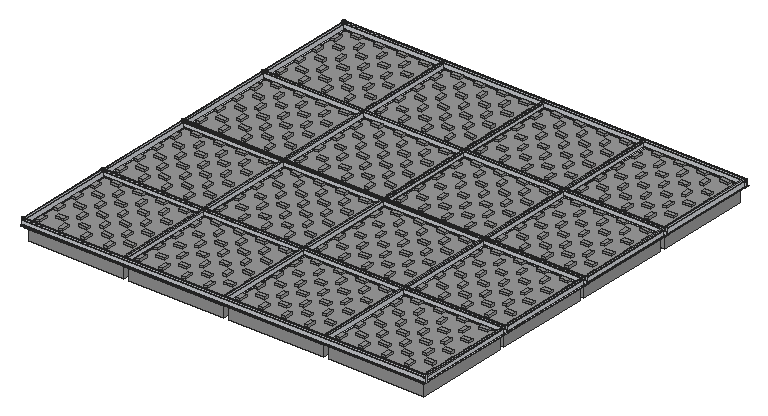
Revit family "GRD-FPG-011_RFA", category Modelos genéricos, Revit 2022 (continued)
Forms (in)
  Extrusion 552, solid
    from 0.55734 to 1.02978
  Extrusion 553, solid
    sketch origin (-2.19813, -56.70438, 0) x (1, 0, 0) y (0, 1, 0)
      loop
        line (3.29187, 96.8986) -> (3.29187, 94.89864) -> (4.23675, 94.89864) -> (4.23675, 96.8986) -> (3.29187, 96.8986)
    from 0.55734 to 1.02978
  Extrusion 554, solid
    sketch origin (-2.19813, -51.2531, 0) x (1, 0, 0) y (0, 1, 0)
      loop
        line (3.29187, 96.8986) -> (3.29187, 94.89864) -> (4.23675, 94.89864) -> (4.23675, 96.8986) -> (3.29187, 96.8986)
    from 0.55734 to 1.02978
  Extrusion 555, solid
    sketch origin (3.2532, -62.15567, 0) x (1, 0, 0) y (0, 1, 0)
      loop
        line (3.29187, 96.8986) -> (3.29187, 94.89864) -> (4.23675, 94.89864) -> (4.23675, 96.8986) -> (3.29187, 96.8986)
    from 0.55734 to 1.02978
  Extrusion 556, solid
    sketch origin (3.2532, -67.60694, 0) x (1, 0, 0) y (0, 1, 0)
      loop
        line (3.29187, 96.8986) -> (3.29187, 94.89864) -> (4.23675, 94.89864) -> (4.23675, 96.8986) -> (3.29187, 96.8986)
    from 0.55734 to 1.02978
  Extrusion 557, solid
    sketch origin (3.2532, -56.70438, 0) x (1, 0, 0) y (0, 1, 0)
      loop
        line (3.29187, 96.8986) -> (3.29187, 94.89864) -> (4.23675, 94.89864) -> (4.23675, 96.8986) -> (3.29187, 96.8986)
    from 0.55734 to 1.02978
  Extrusion 558, solid
    sketch origin (3.2532, -51.2531, 0) x (1, 0, 0) y (0, 1, 0)
      loop
        line (3.29187, 96.8986) -> (3.29187, 94.89864) -> (4.23675, 94.89864) -> (4.23675, 96.8986) -> (3.29187, 96.8986)
    from 0.55734 to 1.02978
  Extrusion 559, solid
    sketch origin (8.70448, -62.15567, 0) x (1, 0, 0) y (0, 1, 0)
      loop
        line (3.29187, 96.8986) -> (3.29187, 94.89864) -> (4.23675, 94.89864) -> (4.23675, 96.8986) -> (3.29187, 96.8986)
    from 0.55734 to 1.02978
  Extrusion 560, solid
    sketch origin (8.70448, -67.60694, 0) x (1, 0, 0) y (0, 1, 0)
      loop
        line (3.29187, 96.8986) -> (3.29187, 94.89864) -> (4.23675, 94.89864) -> (4.23675, 96.8986) -> (3.29187, 96.8986)
    from 0.55734 to 1.02978
  Extrusion 561, solid
    sketch origin (8.70448, -56.70438, 0) x (1, 0, 0) y (0, 1, 0)
      loop
        line (3.29187, 96.8986) -> (3.29187, 94.89864) -> (4.23675, 94.89864) -> (4.23675, 96.8986) -> (3.29187, 96.8986)
    from 0.55734 to 1.02978
  Extrusion 562, solid
    sketch origin (8.70448, -51.2531, 0) x (1, 0, 0) y (0, 1, 0)
      loop
        line (3.29187, 96.8986) -> (3.29187, 94.89864) -> (4.23675, 94.89864) -> (4.23675, 96.8986) -> (3.29187, 96.8986)
    from 0.55734 to 1.02978
  Extrusion 563, solid
    sketch origin (14.15576, -62.15567, 0) x (1, 0, 0) y (0, 1, 0)
      loop
        line (3.29187, 96.8986) -> (3.29187, 94.89864) -> (4.23675, 94.89864) -> (4.23675, 96.8986) -> (3.29187, 96.8986)
    from 0.55734 to 1.02978
  Extrusion 564, solid
    sketch origin (14.15576, -67.60694, 0) x (1, 0, 0) y (0, 1, 0)
      loop
        line (3.29187, 96.8986) -> (3.29187, 94.89864) -> (4.23675, 94.89864) -> (4.23675, 96.8986) -> (3.29187, 96.8986)
    from 0.55734 to 1.02978
  Extrusion 565, solid
    sketch origin (14.15576, -56.70438, 0) x (1, 0, 0) y (0, 1, 0)
      loop
        line (3.29187, 96.8986) -> (3.29187, 94.89864) -> (4.23675, 94.89864) -> (4.23675, 96.8986) -> (3.29187, 96.8986)
    from 0.55734 to 1.02978
  Extrusion 566, solid
    sketch origin (14.15576, -51.2531, 0) x (1, 0, 0) y (0, 1, 0)
      loop
        line (3.29187, 96.8986) -> (3.29187, 94.89864) -> (4.23675, 94.89864) -> (4.23675, 96.8986) -> (3.29187, 96.8986)
    from 0.55734 to 1.02978
  Extrusion 567, solid
    sketch origin (19.607, -62.15567, 0) x (1, 0, 0) y (0, 1, 0)
      loop
        line (3.29187, 96.8986) -> (3.29187, 94.89864) -> (4.23675, 94.89864) -> (4.23675, 96.8986) -> (3.29187, 96.8986)
    from 0.55734 to 1.02978
  Extrusion 568, solid
    sketch origin (19.607, -67.60694, 0) x (1, 0, 0) y (0, 1, 0)
      loop
        line (3.29187, 96.8986) -> (3.29187, 94.89864) -> (4.23675, 94.89864) -> (4.23675, 96.8986) -> (3.29187, 96.8986)
    from 0.55734 to 1.02978
  Extrusion 569, solid
    sketch origin (19.607, -56.70438, 0) x (1, 0, 0) y (0, 1, 0)
      loop
        line (3.29187, 96.8986) -> (3.29187, 94.89864) -> (4.23675, 94.89864) -> (4.23675, 96.8986) -> (3.29187, 96.8986)
    from 0.55734 to 1.02978
  Extrusion 570, solid
    sketch origin (19.607, -51.2531, 0) x (1, 0, 0) y (0, 1, 0)
      loop
        line (3.29187, 96.8986) -> (3.29187, 94.89864) -> (4.23675, 94.89864) -> (4.23675, 96.8986) -> (3.29187, 96.8986)
    from 0.55734 to 1.02978
  Extrusion 571, solid
    sketch origin (24.00458, -48, 0) x (1, 0, 0) y (0, 1, 0)
      loop
        line (3.29187, 95.84361) -> (3.29187, 94.89864) -> (5.29187, 94.89864) -> (5.29187, 95.84361) -> (3.29187, 95.84361)
    from 0.55734 to 1.02978
  Extrusion 572, solid
    sketch origin (29.45586, -48, 0) x (1, 0, 0) y (0, 1, 0)
      loop
        line (3.29187, 95.84361) -> (3.29187, 94.89864) -> (5.29187, 94.89864) -> (5.29187, 95.84361) -> (3.29187, 95.84361)
    from 0.55734 to 1.02978
  Extrusion 573, solid
    sketch origin (34.90714, -48, 0) x (1, 0, 0) y (0, 1, 0)
      loop
        line (3.29187, 95.84361) -> (3.29187, 94.89864) -> (5.29187, 94.89864) -> (5.29187, 95.84361) -> (3.29187, 95.84361)
    from 0.55734 to 1.02978
  Extrusion 574, solid
    sketch origin (40.35842, -48, 0) x (1, 0, 0) y (0, 1, 0)
      loop
        line (3.29187, 95.84361) -> (3.29187, 94.89864) -> (5.29187, 94.89864) -> (5.29187, 95.84361) -> (3.29187, 95.84361)
    from 0.55734 to 1.02978
  Extrusion 575, solid
    sketch origin (24.00458, -53.45125, 0) x (1, 0, 0) y (0, 1, 0)
      loop
        line (3.29187, 95.84361) -> (3.29187, 94.89864) -> (5.29187, 94.89864) -> (5.29187, 95.84361) -> (3.29187, 95.84361)
    from 0.55734 to 1.02978
  Extrusion 576, solid
    sketch origin (29.45586, -53.45125, 0) x (1, 0, 0) y (0, 1, 0)
      loop
        line (3.29187, 95.84361) -> (3.29187, 94.89864) -> (5.29187, 94.89864) -> (5.29187, 95.84361) -> (3.29187, 95.84361)
    from 0.55734 to 1.02978
  Extrusion 577, solid
    sketch origin (34.90714, -53.45125, 0) x (1, 0, 0) y (0, 1, 0)
      loop
        line (3.29187, 95.84361) -> (3.29187, 94.89864) -> (5.29187, 94.89864) -> (5.29187, 95.84361) -> (3.29187, 95.84361)
    from 0.55734 to 1.02978
  Extrusion 578, solid
    sketch origin (40.35842, -53.45125, 0) x (1, 0, 0) y (0, 1, 0)
      loop
        line (3.29187, 95.84361) -> (3.29187, 94.89864) -> (5.29187, 94.89864) -> (5.29187, 95.84361) -> (3.29187, 95.84361)
    from 0.55734 to 1.02978
  Extrusion 579, solid
    sketch origin (24.00458, -58.90252, 0) x (1, 0, 0) y (0, 1, 0)
      loop
        line (3.29187, 95.84361) -> (3.29187, 94.89864) -> (5.29187, 94.89864) -> (5.29187, 95.84361) -> (3.29187, 95.84361)
    from 0.55734 to 1.02978
  Extrusion 580, solid
    sketch origin (29.45586, -58.90252, 0) x (1, 0, 0) y (0, 1, 0)
      loop
        line (3.29187, 95.84361) -> (3.29187, 94.89864) -> (5.29187, 94.89864) -> (5.29187, 95.84361) -> (3.29187, 95.84361)
    from 0.55734 to 1.02978
  Extrusion 581, solid
    sketch origin (34.90714, -58.90252, 0) x (1, 0, 0) y (0, 1, 0)
      loop
        line (3.29187, 95.84361) -> (3.29187, 94.89864) -> (5.29187, 94.89864) -> (5.29187, 95.84361) -> (3.29187, 95.84361)
    from 0.55734 to 1.02978
  Extrusion 582, solid
    sketch origin (40.35842, -58.90252, 0) x (1, 0, 0) y (0, 1, 0)
      loop
        line (3.29187, 95.84361) -> (3.29187, 94.89864) -> (5.29187, 94.89864) -> (5.29187, 95.84361) -> (3.29187, 95.84361)
    from 0.55734 to 1.02978
  Extrusion 583, solid
    sketch origin (24.00458, -64.3538, 0) x (1, 0, 0) y (0, 1, 0)
      loop
        line (3.29187, 95.84361) -> (3.29187, 94.89864) -> (5.29187, 94.89864) -> (5.29187, 95.84361) -> (3.29187, 95.84361)
    from 0.55734 to 1.02978
  Extrusion 584, solid
    sketch origin (29.45586, -64.3538, 0) x (1, 0, 0) y (0, 1, 0)
      loop
        line (3.29187, 95.84361) -> (3.29187, 94.89864) -> (5.29187, 94.89864) -> (5.29187, 95.84361) -> (3.29187, 95.84361)
    from 0.55734 to 1.02978
  Extrusion 585, solid
    sketch origin (34.90714, -64.3538, 0) x (1, 0, 0) y (0, 1, 0)
      loop
        line (3.29187, 95.84361) -> (3.29187, 94.89864) -> (5.29187, 94.89864) -> (5.29187, 95.84361) -> (3.29187, 95.84361)
    from 0.55734 to 1.02978
  Extrusion 586, solid
    sketch origin (40.35842, -64.3538, 0) x (1, 0, 0) y (0, 1, 0)
      loop
        line (3.29187, 95.84361) -> (3.29187, 94.89864) -> (5.29187, 94.89864) -> (5.29187, 95.84361) -> (3.29187, 95.84361)
    from 0.55734 to 1.02978
  Extrusion 587, solid
    sketch origin (24.00458, -69.80504, 0) x (1, 0, 0) y (0, 1, 0)
      loop
        line (3.29187, 95.84361) -> (3.29187, 94.89864) -> (5.29187, 94.89864) -> (5.29187, 95.84361) -> (3.29187, 95.84361)
    from 0.55734 to 1.02978
  Extrusion 588, solid
    sketch origin (29.45586, -69.80504, 0) x (1, 0, 0) y (0, 1, 0)
      loop
        line (3.29187, 95.84361) -> (3.29187, 94.89864) -> (5.29187, 94.89864) -> (5.29187, 95.84361) -> (3.29187, 95.84361)
    from 0.55734 to 1.02978
  Extrusion 589, solid
    sketch origin (34.90714, -69.80504, 0) x (1, 0, 0) y (0, 1, 0)
      loop
        line (3.29187, 95.84361) -> (3.29187, 94.89864) -> (5.29187, 94.89864) -> (5.29187, 95.84361) -> (3.29187, 95.84361)
    from 0.55734 to 1.02978
  Extrusion 590, solid
    sketch origin (40.35842, -69.80504, 0) x (1, 0, 0) y (0, 1, 0)
      loop
        line (3.29187, 95.84361) -> (3.29187, 94.89864) -> (5.29187, 94.89864) -> (5.29187, 95.84361) -> (3.29187, 95.84361)
    from 0.55734 to 1.02978
  Extrusion 591, solid
    sketch origin (21.80644, -62.15567, 0) x (1, 0, 0) y (0, 1, 0)
      loop
        line (3.29187, 96.8986) -> (3.29187, 94.89864) -> (4.23675, 94.89864) -> (4.23675, 96.8986) -> (3.29187, 96.8986)
    from 0.55734 to 1.02978
  Extrusion 592, solid
    sketch origin (21.80644, -67.60694, 0) x (1, 0, 0) y (0, 1, 0)
      loop
        line (3.29187, 96.8986) -> (3.29187, 94.89864) -> (4.23675, 94.89864) -> (4.23675, 96.8986) -> (3.29187, 96.8986)
    from 0.55734 to 1.02978
  Extrusion 593, solid
    sketch origin (21.80644, -56.70438, 0) x (1, 0, 0) y (0, 1, 0)
      loop
        line (3.29187, 96.8986) -> (3.29187, 94.89864) -> (4.23675, 94.89864) -> (4.23675, 96.8986) -> (3.29187, 96.8986)
    from 0.55734 to 1.02978
  Extrusion 594, solid
    sketch origin (21.80644, -51.2531, 0) x (1, 0, 0) y (0, 1, 0)
      loop
        line (3.29187, 96.8986) -> (3.29187, 94.89864) -> (4.23675, 94.89864) -> (4.23675, 96.8986) -> (3.29187, 96.8986)
    from 0.55734 to 1.02978
  Extrusion 595, solid
    sketch origin (27.25778, -62.15567, 0) x (1, 0, 0) y (0, 1, 0)
      loop
        line (3.29187, 96.8986) -> (3.29187, 94.89864) -> (4.23675, 94.89864) -> (4.23675, 96.8986) -> (3.29187, 96.8986)
    from 0.55734 to 1.02978
  Extrusion 596, solid
    sketch origin (27.25778, -67.60694, 0) x (1, 0, 0) y (0, 1, 0)
      loop
        line (3.29187, 96.8986) -> (3.29187, 94.89864) -> (4.23675, 94.89864) -> (4.23675, 96.8986) -> (3.29187, 96.8986)
    from 0.55734 to 1.02978
  Extrusion 597, solid
    sketch origin (27.25778, -56.70438, 0) x (1, 0, 0) y (0, 1, 0)
      loop
        line (3.29187, 96.8986) -> (3.29187, 94.89864) -> (4.23675, 94.89864) -> (4.23675, 96.8986) -> (3.29187, 96.8986)
    from 0.55734 to 1.02978
  Extrusion 598, solid
    sketch origin (27.25778, -51.2531, 0) x (1, 0, 0) y (0, 1, 0)
      loop
        line (3.29187, 96.8986) -> (3.29187, 94.89864) -> (4.23675, 94.89864) -> (4.23675, 96.8986) -> (3.29187, 96.8986)
    from 0.55734 to 1.02978
  Extrusion 599, solid
    sketch origin (32.70905, -62.15567, 0) x (1, 0, 0) y (0, 1, 0)
      loop
        line (3.29187, 96.8986) -> (3.29187, 94.89864) -> (4.23675, 94.89864) -> (4.23675, 96.8986) -> (3.29187, 96.8986)
    from 0.55734 to 1.02978
  Extrusion 600, solid
    sketch origin (32.70905, -67.60694, 0) x (1, 0, 0) y (0, 1, 0)
      loop
        line (3.29187, 96.8986) -> (3.29187, 94.89864) -> (4.23675, 94.89864) -> (4.23675, 96.8986) -> (3.29187, 96.8986)
    from 0.55734 to 1.02978
  Extrusion 601, solid
    sketch origin (32.70905, -56.70438, 0) x (1, 0, 0) y (0, 1, 0)
      loop
        line (3.29187, 96.8986) -> (3.29187, 94.89864) -> (4.23675, 94.89864) -> (4.23675, 96.8986) -> (3.29187, 96.8986)
    from 0.55734 to 1.02978
  Extrusion 602, solid
    sketch origin (32.70905, -51.2531, 0) x (1, 0, 0) y (0, 1, 0)
      loop
        line (3.29187, 96.8986) -> (3.29187, 94.89864) -> (4.23675, 94.89864) -> (4.23675, 96.8986) -> (3.29187, 96.8986)
    from 0.55734 to 1.02978
  Extrusion 603, solid
    sketch origin (38.16033, -62.15567, 0) x (1, 0, 0) y (0, 1, 0)
      loop
        line (3.29187, 96.8986) -> (3.29187, 94.89864) -> (4.23675, 94.89864) -> (4.23675, 96.8986) -> (3.29187, 96.8986)
    from 0.55734 to 1.02978
  Extrusion 604, solid
    sketch origin (38.16033, -67.60694, 0) x (1, 0, 0) y (0, 1, 0)
      loop
        line (3.29187, 96.8986) -> (3.29187, 94.89864) -> (4.23675, 94.89864) -> (4.23675, 96.8986) -> (3.29187, 96.8986)
    from 0.55734 to 1.02978
  Extrusion 605, solid
    sketch origin (38.16033, -56.70438, 0) x (1, 0, 0) y (0, 1, 0)
      loop
        line (3.29187, 96.8986) -> (3.29187, 94.89864) -> (4.23675, 94.89864) -> (4.23675, 96.8986) -> (3.29187, 96.8986)
    from 0.55734 to 1.02978
  Extrusion 606, solid
    sketch origin (38.16033, -51.2531, 0) x (1, 0, 0) y (0, 1, 0)
      loop
        line (3.29187, 96.8986) -> (3.29187, 94.89864) -> (4.23675, 94.89864) -> (4.23675, 96.8986) -> (3.29187, 96.8986)
    from 0.55734 to 1.02978
  Extrusion 607, solid
    sketch origin (43.61158, -62.15567, 0) x (1, 0, 0) y (0, 1, 0)
      loop
        line (3.29187, 96.8986) -> (3.29187, 94.89864) -> (4.23675, 94.89864) -> (4.23675, 96.8986) -> (3.29187, 96.8986)
    from 0.55734 to 1.02978
  Extrusion 608, solid
    sketch origin (43.61158, -67.60694, 0) x (1, 0, 0) y (0, 1, 0)
      loop
        line (3.29187, 96.8986) -> (3.29187, 94.89864) -> (4.23675, 94.89864) -> (4.23675, 96.8986) -> (3.29187, 96.8986)
    from 0.55734 to 1.02978
  Extrusion 609, solid
    sketch origin (43.61158, -56.70438, 0) x (1, 0, 0) y (0, 1, 0)
      loop
        line (3.29187, 96.8986) -> (3.29187, 94.89864) -> (4.23675, 94.89864) -> (4.23675, 96.8986) -> (3.29187, 96.8986)
    from 0.55734 to 1.02978
  Extrusion 610, solid
    sketch origin (43.61158, -51.2531, 0) x (1, 0, 0) y (0, 1, 0)
      loop
        line (3.29187, 96.8986) -> (3.29187, 94.89864) -> (4.23675, 94.89864) -> (4.23675, 96.8986) -> (3.29187, 96.8986)
    from 0.55734 to 1.02978
  Extrusion 611, solid
    sketch origin (48.00458, -48, 0) x (1, 0, 0) y (0, 1, 0)
      loop
        line (3.29187, 95.84361) -> (3.29187, 94.89864) -> (5.29187, 94.89864) -> (5.29187, 95.84361) -> (3.29187, 95.84361)
    from 0.55734 to 1.02978
  Extrusion 612, solid
    sketch origin (53.45586, -48, 0) x (1, 0, 0) y (0, 1, 0)
      loop
        line (3.29187, 95.84361) -> (3.29187, 94.89864) -> (5.29187, 94.89864) -> (5.29187, 95.84361) -> (3.29187, 95.84361)
    from 0.55734 to 1.02978
  Extrusion 613, solid
    sketch origin (58.90714, -48, 0) x (1, 0, 0) y (0, 1, 0)
      loop
        line (3.29187, 95.84361) -> (3.29187, 94.89864) -> (5.29187, 94.89864) -> (5.29187, 95.84361) -> (3.29187, 95.84361)
    from 0.55734 to 1.02978
  Extrusion 614, solid
    sketch origin (64.35842, -48, 0) x (1, 0, 0) y (0, 1, 0)
      loop
        line (3.29187, 95.84361) -> (3.29187, 94.89864) -> (5.29187, 94.89864) -> (5.29187, 95.84361) -> (3.29187, 95.84361)
    from 0.55734 to 1.02978
  Extrusion 615, solid
    sketch origin (48.00458, -53.45125, 0) x (1, 0, 0) y (0, 1, 0)
      loop
        line (3.29187, 95.84361) -> (3.29187, 94.89864) -> (5.29187, 94.89864) -> (5.29187, 95.84361) -> (3.29187, 95.84361)
    from 0.55734 to 1.02978
  Extrusion 616, solid
    sketch origin (53.45586, -53.45125, 0) x (1, 0, 0) y (0, 1, 0)
      loop
        line (3.29187, 95.84361) -> (3.29187, 94.89864) -> (5.29187, 94.89864) -> (5.29187, 95.84361) -> (3.29187, 95.84361)
    from 0.55734 to 1.02978
  Extrusion 617, solid
    sketch origin (58.90714, -53.45125, 0) x (1, 0, 0) y (0, 1, 0)
      loop
        line (3.29187, 95.84361) -> (3.29187, 94.89864) -> (5.29187, 94.89864) -> (5.29187, 95.84361) -> (3.29187, 95.84361)
    from 0.55734 to 1.02978
  Extrusion 618, solid
    sketch origin (64.35842, -53.45125, 0) x (1, 0, 0) y (0, 1, 0)
      loop
        line (3.29187, 95.84361) -> (3.29187, 94.89864) -> (5.29187, 94.89864) -> (5.29187, 95.84361) -> (3.29187, 95.84361)
    from 0.55734 to 1.02978
  Extrusion 619, solid
    sketch origin (48.00458, -58.90252, 0) x (1, 0, 0) y (0, 1, 0)
      loop
        line (3.29187, 95.84361) -> (3.29187, 94.89864) -> (5.29187, 94.89864) -> (5.29187, 95.84361) -> (3.29187, 95.84361)
    from 0.55734 to 1.02978
  Extrusion 620, solid
    sketch origin (53.45586, -58.90252, 0) x (1, 0, 0) y (0, 1, 0)
      loop
        line (3.29187, 95.84361) -> (3.29187, 94.89864) -> (5.29187, 94.89864) -> (5.29187, 95.84361) -> (3.29187, 95.84361)
    from 0.55734 to 1.02978
  Extrusion 621, solid
    sketch origin (58.90714, -58.90252, 0) x (1, 0, 0) y (0, 1, 0)
      loop
        line (3.29187, 95.84361) -> (3.29187, 94.89864) -> (5.29187, 94.89864) -> (5.29187, 95.84361) -> (3.29187, 95.84361)
    from 0.55734 to 1.02978
  Extrusion 622, solid
    sketch origin (64.35842, -58.90252, 0) x (1, 0, 0) y (0, 1, 0)
      loop
        line (3.29187, 95.84361) -> (3.29187, 94.89864) -> (5.29187, 94.89864) -> (5.29187, 95.84361) -> (3.29187, 95.84361)
    from 0.55734 to 1.02978
  Extrusion 623, solid
    sketch origin (48.00458, -64.3538, 0) x (1, 0, 0) y (0, 1, 0)
      loop
        line (3.29187, 95.84361) -> (3.29187, 94.89864) -> (5.29187, 94.89864) -> (5.29187, 95.84361) -> (3.29187, 95.84361)
    from 0.55734 to 1.02978
  Extrusion 624, solid
    sketch origin (53.45586, -64.3538, 0) x (1, 0, 0) y (0, 1, 0)
      loop
        line (3.29187, 95.84361) -> (3.29187, 94.89864) -> (5.29187, 94.89864) -> (5.29187, 95.84361) -> (3.29187, 95.84361)
    from 0.55734 to 1.02978
  Extrusion 625, solid
    sketch origin (58.90714, -64.3538, 0) x (1, 0, 0) y (0, 1, 0)
      loop
        line (3.29187, 95.84361) -> (3.29187, 94.89864) -> (5.29187, 94.89864) -> (5.29187, 95.84361) -> (3.29187, 95.84361)
    from 0.55734 to 1.02978
  Extrusion 626, solid
    sketch origin (64.35842, -64.3538, 0) x (1, 0, 0) y (0, 1, 0)
      loop
        line (3.29187, 95.84361) -> (3.29187, 94.89864) -> (5.29187, 94.89864) -> (5.29187, 95.84361) -> (3.29187, 95.84361)
    from 0.55734 to 1.02978
  Extrusion 627, solid
    sketch origin (48.00458, -69.80504, 0) x (1, 0, 0) y (0, 1, 0)
      loop
        line (3.29187, 95.84361) -> (3.29187, 94.89864) -> (5.29187, 94.89864) -> (5.29187, 95.84361) -> (3.29187, 95.84361)
    from 0.55734 to 1.02978
  Extrusion 628, solid
    sketch origin (53.45586, -69.80504, 0) x (1, 0, 0) y (0, 1, 0)
      loop
        line (3.29187, 95.84361) -> (3.29187, 94.89864) -> (5.29187, 94.89864) -> (5.29187, 95.84361) -> (3.29187, 95.84361)
    from 0.55734 to 1.02978
  Extrusion 629, solid
    sketch origin (58.90714, -69.80504, 0) x (1, 0, 0) y (0, 1, 0)
      loop
        line (3.29187, 95.84361) -> (3.29187, 94.89864) -> (5.29187, 94.89864) -> (5.29187, 95.84361) -> (3.29187, 95.84361)
    from 0.55734 to 1.02978
  Extrusion 630, solid
    sketch origin (64.35842, -69.80504, 0) x (1, 0, 0) y (0, 1, 0)
      loop
        line (3.29187, 95.84361) -> (3.29187, 94.89864) -> (5.29187, 94.89864) -> (5.29187, 95.84361) -> (3.29187, 95.84361)
    from 0.55734 to 1.02978
  Extrusion 631, solid
    sketch origin (45.80644, -62.15567, 0) x (1, 0, 0) y (0, 1, 0)
      loop
        line (3.29187, 96.8986) -> (3.29187, 94.89864) -> (4.23675, 94.89864) -> (4.23675, 96.8986) -> (3.29187, 96.8986)
    from 0.55734 to 1.02978
  Extrusion 632, solid
    sketch origin (45.80644, -67.60694, 0) x (1, 0, 0) y (0, 1, 0)
      loop
        line (3.29187, 96.8986) -> (3.29187, 94.89864) -> (4.23675, 94.89864) -> (4.23675, 96.8986) -> (3.29187, 96.8986)
    from 0.55734 to 1.02978
  Extrusion 633, solid
    sketch origin (45.80644, -56.70438, 0) x (1, 0, 0) y (0, 1, 0)
      loop
        line (3.29187, 96.8986) -> (3.29187, 94.89864) -> (4.23675, 94.89864) -> (4.23675, 96.8986) -> (3.29187, 96.8986)
    from 0.55734 to 1.02978
  Extrusion 634, solid
    sketch origin (45.80644, -51.2531, 0) x (1, 0, 0) y (0, 1, 0)
      loop
        line (3.29187, 96.8986) -> (3.29187, 94.89864) -> (4.23675, 94.89864) -> (4.23675, 96.8986) -> (3.29187, 96.8986)
    from 0.55734 to 1.02978
  Extrusion 635, solid
    sketch origin (51.25778, -62.15567, 0) x (1, 0, 0) y (0, 1, 0)
      loop
        line (3.29187, 96.8986) -> (3.29187, 94.89864) -> (4.23675, 94.89864) -> (4.23675, 96.8986) -> (3.29187, 96.8986)
    from 0.55734 to 1.02978
  Extrusion 636, solid
    sketch origin (51.25778, -67.60694, 0) x (1, 0, 0) y (0, 1, 0)
      loop
        line (3.29187, 96.8986) -> (3.29187, 94.89864) -> (4.23675, 94.89864) -> (4.23675, 96.8986) -> (3.29187, 96.8986)
    from 0.55734 to 1.02978
  Extrusion 637, solid
    sketch origin (51.25778, -56.70438, 0) x (1, 0, 0) y (0, 1, 0)
      loop
        line (3.29187, 96.8986) -> (3.29187, 94.89864) -> (4.23675, 94.89864) -> (4.23675, 96.8986) -> (3.29187, 96.8986)
    from 0.55734 to 1.02978
  Extrusion 638, solid
    sketch origin (51.25778, -51.2531, 0) x (1, 0, 0) y (0, 1, 0)
      loop
        line (3.29187, 96.8986) -> (3.29187, 94.89864) -> (4.23675, 94.89864) -> (4.23675, 96.8986) -> (3.29187, 96.8986)
    from 0.55734 to 1.02978
  Extrusion 639, solid
    sketch origin (56.70905, -62.15567, 0) x (1, 0, 0) y (0, 1, 0)
      loop
        line (3.29187, 96.8986) -> (3.29187, 94.89864) -> (4.23675, 94.89864) -> (4.23675, 96.8986) -> (3.29187, 96.8986)
    from 0.55734 to 1.02978
  Extrusion 640, solid
    sketch origin (56.70905, -67.60694, 0) x (1, 0, 0) y (0, 1, 0)
      loop
        line (3.29187, 96.8986) -> (3.29187, 94.89864) -> (4.23675, 94.89864) -> (4.23675, 96.8986) -> (3.29187, 96.8986)
    from 0.55734 to 1.02978
  Extrusion 641, solid
    sketch origin (56.70905, -56.70438, 0) x (1, 0, 0) y (0, 1, 0)
      loop
        line (3.29187, 96.8986) -> (3.29187, 94.89864) -> (4.23675, 94.89864) -> (4.23675, 96.8986) -> (3.29187, 96.8986)
    from 0.55734 to 1.02978
  Extrusion 642, solid
    sketch origin (56.70905, -51.2531, 0) x (1, 0, 0) y (0, 1, 0)
      loop
        line (3.29187, 96.8986) -> (3.29187, 94.89864) -> (4.23675, 94.89864) -> (4.23675, 96.8986) -> (3.29187, 96.8986)
    from 0.55734 to 1.02978
  Extrusion 643, solid
    sketch origin (62.16033, -62.15567, 0) x (1, 0, 0) y (0, 1, 0)
      loop
        line (3.29187, 96.8986) -> (3.29187, 94.89864) -> (4.23675, 94.89864) -> (4.23675, 96.8986) -> (3.29187, 96.8986)
    from 0.55734 to 1.02978
  Extrusion 644, solid
    sketch origin (62.16033, -67.60694, 0) x (1, 0, 0) y (0, 1, 0)
      loop
        line (3.29187, 96.8986) -> (3.29187, 94.89864) -> (4.23675, 94.89864) -> (4.23675, 96.8986) -> (3.29187, 96.8986)
    from 0.55734 to 1.02978
  Extrusion 645, solid
    sketch origin (62.16033, -56.70438, 0) x (1, 0, 0) y (0, 1, 0)
      loop
        line (3.29187, 96.8986) -> (3.29187, 94.89864) -> (4.23675, 94.89864) -> (4.23675, 96.8986) -> (3.29187, 96.8986)
    from 0.55734 to 1.02978
  Extrusion 646, solid
    sketch origin (62.16033, -51.2531, 0) x (1, 0, 0) y (0, 1, 0)
      loop
        line (3.29187, 96.8986) -> (3.29187, 94.89864) -> (4.23675, 94.89864) -> (4.23675, 96.8986) -> (3.29187, 96.8986)
    from 0.55734 to 1.02978
  Extrusion 647, solid
    sketch origin (67.61158, -62.15567, 0) x (1, 0, 0) y (0, 1, 0)
      loop
        line (3.29187, 96.8986) -> (3.29187, 94.89864) -> (4.23675, 94.89864) -> (4.23675, 96.8986) -> (3.29187, 96.8986)
    from 0.55734 to 1.02978
  Extrusion 648, solid
    sketch origin (67.61158, -67.60694, 0) x (1, 0, 0) y (0, 1, 0)
      loop
        line (3.29187, 96.8986) -> (3.29187, 94.89864) -> (4.23675, 94.89864) -> (4.23675, 96.8986) -> (3.29187, 96.8986)
    from 0.55734 to 1.02978
  Extrusion 649, solid
    sketch origin (67.61158, -56.70438, 0) x (1, 0, 0) y (0, 1, 0)
      loop
        line (3.29187, 96.8986) -> (3.29187, 94.89864) -> (4.23675, 94.89864) -> (4.23675, 96.8986) -> (3.29187, 96.8986)
    from 0.55734 to 1.02978
  Extrusion 650, solid
    sketch origin (67.61158, -51.2531, 0) x (1, 0, 0) y (0, 1, 0)
      loop
        line (3.29187, 96.8986) -> (3.29187, 94.89864) -> (4.23675, 94.89864) -> (4.23675, 96.8986) -> (3.29187, 96.8986)
    from 0.55734 to 1.02978
  Extrusion 651, solid
    sketch origin (72.00458, -48, 0) x (1, 0, 0) y (0, 1, 0)
      loop
        line (3.29187, 95.84361) -> (3.29187, 94.89864) -> (5.29187, 94.89864) -> (5.29187, 95.84361) -> (3.29187, 95.84361)
    from 0.55734 to 1.02978
  Extrusion 652, solid
    sketch origin (77.45586, -48, 0) x (1, 0, 0) y (0, 1, 0)
      loop
        line (3.29187, 95.84361) -> (3.29187, 94.89864) -> (5.29187, 94.89864) -> (5.29187, 95.84361) -> (3.29187, 95.84361)
    from 0.55734 to 1.02978
  Extrusion 653, solid
    sketch origin (82.90714, -48, 0) x (1, 0, 0) y (0, 1, 0)
      loop
        line (3.29187, 95.84361) -> (3.29187, 94.89864) -> (5.29187, 94.89864) -> (5.29187, 95.84361) -> (3.29187, 95.84361)
    from 0.55734 to 1.02978
  Extrusion 654, solid
    sketch origin (88.35842, -48, 0) x (1, 0, 0) y (0, 1, 0)
      loop
        line (3.29187, 95.84361) -> (3.29187, 94.89864) -> (5.29187, 94.89864) -> (5.29187, 95.84361) -> (3.29187, 95.84361)
    from 0.55734 to 1.02978
  Extrusion 655, solid
    sketch origin (72.00458, -53.45125, 0) x (1, 0, 0) y (0, 1, 0)
      loop
        line (3.29187, 95.84361) -> (3.29187, 94.89864) -> (5.29187, 94.89864) -> (5.29187, 95.84361) -> (3.29187, 95.84361)
    from 0.55734 to 1.02978
  Extrusion 656, solid
    sketch origin (77.45586, -53.45125, 0) x (1, 0, 0) y (0, 1, 0)
      loop
        line (3.29187, 95.84361) -> (3.29187, 94.89864) -> (5.29187, 94.89864) -> (5.29187, 95.84361) -> (3.29187, 95.84361)
    from 0.55734 to 1.02978
  Extrusion 657, solid
    sketch origin (82.90714, -53.45125, 0) x (1, 0, 0) y (0, 1, 0)
      loop
        line (3.29187, 95.84361) -> (3.29187, 94.89864) -> (5.29187, 94.89864) -> (5.29187, 95.84361) -> (3.29187, 95.84361)
    from 0.55734 to 1.02978
  Extrusion 658, solid
    sketch origin (88.35842, -53.45125, 0) x (1, 0, 0) y (0, 1, 0)
      loop
        line (3.29187, 95.84361) -> (3.29187, 94.89864) -> (5.29187, 94.89864) -> (5.29187, 95.84361) -> (3.29187, 95.84361)
    from 0.55734 to 1.02978
  Extrusion 659, solid
    sketch origin (72.00458, -58.90252, 0) x (1, 0, 0) y (0, 1, 0)
      loop
        line (3.29187, 95.84361) -> (3.29187, 94.89864) -> (5.29187, 94.89864) -> (5.29187, 95.84361) -> (3.29187, 95.84361)
    from 0.55734 to 1.02978
  Extrusion 660, solid
    sketch origin (77.45586, -58.90252, 0) x (1, 0, 0) y (0, 1, 0)
      loop
        line (3.29187, 95.84361) -> (3.29187, 94.89864) -> (5.29187, 94.89864) -> (5.29187, 95.84361) -> (3.29187, 95.84361)
    from 0.55734 to 1.02978
  Extrusion 661, solid
    sketch origin (82.90714, -58.90252, 0) x (1, 0, 0) y (0, 1, 0)
      loop
        line (3.29187, 95.84361) -> (3.29187, 94.89864) -> (5.29187, 94.89864) -> (5.29187, 95.84361) -> (3.29187, 95.84361)
    from 0.55734 to 1.02978
  Extrusion 662, solid
    sketch origin (88.35842, -58.90252, 0) x (1, 0, 0) y (0, 1, 0)
      loop
        line (3.29187, 95.84361) -> (3.29187, 94.89864) -> (5.29187, 94.89864) -> (5.29187, 95.84361) -> (3.29187, 95.84361)
    from 0.55734 to 1.02978
  Extrusion 663, solid
    sketch origin (72.00458, -64.3538, 0) x (1, 0, 0) y (0, 1, 0)
      loop
        line (3.29187, 95.84361) -> (3.29187, 94.89864) -> (5.29187, 94.89864) -> (5.29187, 95.84361) -> (3.29187, 95.84361)
    from 0.55734 to 1.02978
  Extrusion 664, solid
    sketch origin (77.45586, -64.3538, 0) x (1, 0, 0) y (0, 1, 0)
      loop
        line (3.29187, 95.84361) -> (3.29187, 94.89864) -> (5.29187, 94.89864) -> (5.29187, 95.84361) -> (3.29187, 95.84361)
    from 0.55734 to 1.02978
  Extrusion 665, solid
    sketch origin (82.90714, -64.3538, 0) x (1, 0, 0) y (0, 1, 0)
      loop
        line (3.29187, 95.84361) -> (3.29187, 94.89864) -> (5.29187, 94.89864) -> (5.29187, 95.84361) -> (3.29187, 95.84361)
    from 0.55734 to 1.02978
  Extrusion 666, solid
    sketch origin (88.35842, -64.3538, 0) x (1, 0, 0) y (0, 1, 0)
      loop
        line (3.29187, 95.84361) -> (3.29187, 94.89864) -> (5.29187, 94.89864) -> (5.29187, 95.84361) -> (3.29187, 95.84361)
    from 0.55734 to 1.02978
  Extrusion 667, solid
    sketch origin (72.00458, -69.80504, 0) x (1, 0, 0) y (0, 1, 0)
      loop
        line (3.29187, 95.84361) -> (3.29187, 94.89864) -> (5.29187, 94.89864) -> (5.29187, 95.84361) -> (3.29187, 95.84361)
    from 0.55734 to 1.02978
  Extrusion 668, solid
    sketch origin (77.45586, -69.80504, 0) x (1, 0, 0) y (0, 1, 0)
      loop
        line (3.29187, 95.84361) -> (3.29187, 94.89864) -> (5.29187, 94.89864) -> (5.29187, 95.84361) -> (3.29187, 95.84361)
    from 0.55734 to 1.02978
  Extrusion 669, solid
    sketch origin (82.90714, -69.80504, 0) x (1, 0, 0) y (0, 1, 0)
      loop
        line (3.29187, 95.84361) -> (3.29187, 94.89864) -> (5.29187, 94.89864) -> (5.29187, 95.84361) -> (3.29187, 95.84361)
    from 0.55734 to 1.02978
  Extrusion 670, solid
    sketch origin (88.35842, -69.80504, 0) x (1, 0, 0) y (0, 1, 0)
      loop
        line (3.29187, 95.84361) -> (3.29187, 94.89864) -> (5.29187, 94.89864) -> (5.29187, 95.84361) -> (3.29187, 95.84361)
    from 0.55734 to 1.02978
  Extrusion 671, solid
    sketch origin (69.80644, -62.15567, 0) x (1, 0, 0) y (0, 1, 0)
      loop
        line (3.29187, 96.8986) -> (3.29187, 94.89864) -> (4.23675, 94.89864) -> (4.23675, 96.8986) -> (3.29187, 96.8986)
    from 0.55734 to 1.02978
  Extrusion 672, solid
    sketch origin (69.80644, -67.60694, 0) x (1, 0, 0) y (0, 1, 0)
      loop
        line (3.29187, 96.8986) -> (3.29187, 94.89864) -> (4.23675, 94.89864) -> (4.23675, 96.8986) -> (3.29187, 96.8986)
    from 0.55734 to 1.02978
  Extrusion 673, solid
    sketch origin (69.80644, -56.70438, 0) x (1, 0, 0) y (0, 1, 0)
      loop
        line (3.29187, 96.8986) -> (3.29187, 94.89864) -> (4.23675, 94.89864) -> (4.23675, 96.8986) -> (3.29187, 96.8986)
    from 0.55734 to 1.02978
  Extrusion 674, solid
    sketch origin (69.80644, -51.2531, 0) x (1, 0, 0) y (0, 1, 0)
      loop
        line (3.29187, 96.8986) -> (3.29187, 94.89864) -> (4.23675, 94.89864) -> (4.23675, 96.8986) -> (3.29187, 96.8986)
    from 0.55734 to 1.02978
  Extrusion 675, solid
    sketch origin (75.25778, -62.15567, 0) x (1, 0, 0) y (0, 1, 0)
      loop
        line (3.29187, 96.8986) -> (3.29187, 94.89864) -> (4.23675, 94.89864) -> (4.23675, 96.8986) -> (3.29187, 96.8986)
    from 0.55734 to 1.02978
  Extrusion 676, solid
    sketch origin (75.25778, -67.60694, 0) x (1, 0, 0) y (0, 1, 0)
      loop
        line (3.29187, 96.8986) -> (3.29187, 94.89864) -> (4.23675, 94.89864) -> (4.23675, 96.8986) -> (3.29187, 96.8986)
    from 0.55734 to 1.02978
  Extrusion 677, solid
    sketch origin (75.25778, -56.70438, 0) x (1, 0, 0) y (0, 1, 0)
      loop
        line (3.29187, 96.8986) -> (3.29187, 94.89864) -> (4.23675, 94.89864) -> (4.23675, 96.8986) -> (3.29187, 96.8986)
    from 0.55734 to 1.02978
  Extrusion 678, solid
    sketch origin (75.25778, -51.2531, 0) x (1, 0, 0) y (0, 1, 0)
      loop
        line (3.29187, 96.8986) -> (3.29187, 94.89864) -> (4.23675, 94.89864) -> (4.23675, 96.8986) -> (3.29187, 96.8986)
    from 0.55734 to 1.02978
  Extrusion 679, solid
    sketch origin (80.70905, -62.15567, 0) x (1, 0, 0) y (0, 1, 0)
      loop
        line (3.29187, 96.8986) -> (3.29187, 94.89864) -> (4.23675, 94.89864) -> (4.23675, 96.8986) -> (3.29187, 96.8986)
    from 0.55734 to 1.02978
  Extrusion 680, solid
    sketch origin (80.70905, -67.60694, 0) x (1, 0, 0) y (0, 1, 0)
      loop
        line (3.29187, 96.8986) -> (3.29187, 94.89864) -> (4.23675, 94.89864) -> (4.23675, 96.8986) -> (3.29187, 96.8986)
    from 0.55734 to 1.02978
  Extrusion 681, solid
    sketch origin (80.70905, -56.70438, 0) x (1, 0, 0) y (0, 1, 0)
      loop
        line (3.29187, 96.8986) -> (3.29187, 94.89864) -> (4.23675, 94.89864) -> (4.23675, 96.8986) -> (3.29187, 96.8986)
    from 0.55734 to 1.02978
  Extrusion 682, solid
    sketch origin (80.70905, -51.2531, 0) x (1, 0, 0) y (0, 1, 0)
      loop
        line (3.29187, 96.8986) -> (3.29187, 94.89864) -> (4.23675, 94.89864) -> (4.23675, 96.8986) -> (3.29187, 96.8986)
    from 0.55734 to 1.02978
  Extrusion 683, solid
    sketch origin (86.16033, -62.15567, 0) x (1, 0, 0) y (0, 1, 0)
      loop
        line (3.29187, 96.8986) -> (3.29187, 94.89864) -> (4.23675, 94.89864) -> (4.23675, 96.8986) -> (3.29187, 96.8986)
    from 0.55734 to 1.02978
  Extrusion 684, solid
    sketch origin (86.16033, -67.60694, 0) x (1, 0, 0) y (0, 1, 0)
      loop
        line (3.29187, 96.8986) -> (3.29187, 94.89864) -> (4.23675, 94.89864) -> (4.23675, 96.8986) -> (3.29187, 96.8986)
    from 0.55734 to 1.02978
  Extrusion 685, solid
    sketch origin (86.16033, -56.70438, 0) x (1, 0, 0) y (0, 1, 0)
      loop
        line (3.29187, 96.8986) -> (3.29187, 94.89864) -> (4.23675, 94.89864) -> (4.23675, 96.8986) -> (3.29187, 96.8986)
    from 0.55734 to 1.02978
  Extrusion 686, solid
    sketch origin (86.16033, -51.2531, 0) x (1, 0, 0) y (0, 1, 0)
      loop
        line (3.29187, 96.8986) -> (3.29187, 94.89864) -> (4.23675, 94.89864) -> (4.23675, 96.8986) -> (3.29187, 96.8986)
    from 0.55734 to 1.02978
  Extrusion 687, solid
    sketch origin (91.61158, -62.15567, 0) x (1, 0, 0) y (0, 1, 0)
      loop
        line (3.29187, 96.8986) -> (3.29187, 94.89864) -> (4.23675, 94.89864) -> (4.23675, 96.8986) -> (3.29187, 96.8986)
    from 0.55734 to 1.02978
  Extrusion 688, solid
    sketch origin (91.61158, -67.60694, 0) x (1, 0, 0) y (0, 1, 0)
      loop
        line (3.29187, 96.8986) -> (3.29187, 94.89864) -> (4.23675, 94.89864) -> (4.23675, 96.8986) -> (3.29187, 96.8986)
    from 0.55734 to 1.02978
  Extrusion 689, solid
    sketch origin (91.61158, -56.70438, 0) x (1, 0, 0) y (0, 1, 0)
      loop
        line (3.29187, 96.8986) -> (3.29187, 94.89864) -> (4.23675, 94.89864) -> (4.23675, 96.8986) -> (3.29187, 96.8986)
    from 0.55734 to 1.02978
  Extrusion 690, solid
    sketch origin (91.61158, -51.2531, 0) x (1, 0, 0) y (0, 1, 0)
      loop
        line (3.29187, 96.8986) -> (3.29187, 94.89864) -> (4.23675, 94.89864) -> (4.23675, 96.8986) -> (3.29187, 96.8986)
    from 0.55734 to 1.02978
  Extrusion 691, solid
    sketch origin (0, -24, 0) x (1, 0, 0) y (0, 1, 0)
      loop
        line (3.29187, 95.84361) -> (3.29187, 94.89864) -> (5.29187, 94.89864) -> (5.29187, 95.84361) -> (3.29187, 95.84361)
    from 0.55734 to 1.02978
  Extrusion 692, solid
    sketch origin (5.45128, -24, 0) x (1, 0, 0) y (0, 1, 0)
      loop
        line (3.29187, 95.84361) -> (3.29187, 94.89864) -> (5.29187, 94.89864) -> (5.29187, 95.84361) -> (3.29187, 95.84361)
    from 0.55734 to 1.02978
  Extrusion 693, solid
    sketch origin (10.90256, -24, 0) x (1, 0, 0) y (0, 1, 0)
      loop
        line (3.29187, 95.84361) -> (3.29187, 94.89864) -> (5.29187, 94.89864) -> (5.29187, 95.84361) -> (3.29187, 95.84361)
    from 0.55734 to 1.02978
  Extrusion 694, solid
    sketch origin (16.35384, -24, 0) x (1, 0, 0) y (0, 1, 0)
      loop
        line (3.29187, 95.84361) -> (3.29187, 94.89864) -> (5.29187, 94.89864) -> (5.29187, 95.84361) -> (3.29187, 95.84361)
    from 0.55734 to 1.02978
  Extrusion 695, solid
    sketch origin (0, -29.45125, 0) x (1, 0, 0) y (0, 1, 0)
      loop
        line (3.29187, 95.84361) -> (3.29187, 94.89864) -> (5.29187, 94.89864) -> (5.29187, 95.84361) -> (3.29187, 95.84361)
    from 0.55734 to 1.02978
  Extrusion 696, solid
    sketch origin (5.45128, -29.45125, 0) x (1, 0, 0) y (0, 1, 0)
      loop
        line (3.29187, 95.84361) -> (3.29187, 94.89864) -> (5.29187, 94.89864) -> (5.29187, 95.84361) -> (3.29187, 95.84361)
    from 0.55734 to 1.02978
  Extrusion 697, solid
    sketch origin (10.90256, -29.45125, 0) x (1, 0, 0) y (0, 1, 0)
      loop
        line (3.29187, 95.84361) -> (3.29187, 94.89864) -> (5.29187, 94.89864) -> (5.29187, 95.84361) -> (3.29187, 95.84361)
    from 0.55734 to 1.02978
  Extrusion 698, solid
    sketch origin (16.35384, -29.45125, 0) x (1, 0, 0) y (0, 1, 0)
      loop
        line (3.29187, 95.84361) -> (3.29187, 94.89864) -> (5.29187, 94.89864) -> (5.29187, 95.84361) -> (3.29187, 95.84361)
    from 0.55734 to 1.02978
  Extrusion 699, solid
    sketch origin (0, -34.90252, 0) x (1, 0, 0) y (0, 1, 0)
      loop
        line (3.29187, 95.84361) -> (3.29187, 94.89864) -> (5.29187, 94.89864) -> (5.29187, 95.84361) -> (3.29187, 95.84361)
    from 0.55734 to 1.02978
  Extrusion 700, solid
    sketch origin (5.45128, -34.90252, 0) x (1, 0, 0) y (0, 1, 0)
      loop
        line (3.29187, 95.84361) -> (3.29187, 94.89864) -> (5.29187, 94.89864) -> (5.29187, 95.84361) -> (3.29187, 95.84361)
    from 0.55734 to 1.02978
  Extrusion 701, solid
    sketch origin (10.90256, -34.90252, 0) x (1, 0, 0) y (0, 1, 0)
      loop
        line (3.29187, 95.84361) -> (3.29187, 94.89864) -> (5.29187, 94.89864) -> (5.29187, 95.84361) -> (3.29187, 95.84361)
    from 0.55734 to 1.02978
  Extrusion 702, solid
    sketch origin (16.35384, -34.90252, 0) x (1, 0, 0) y (0, 1, 0)
      loop
        line (3.29187, 95.84361) -> (3.29187, 94.89864) -> (5.29187, 94.89864) -> (5.29187, 95.84361) -> (3.29187, 95.84361)
    from 0.55734 to 1.02978
  Extrusion 703, solid
    sketch origin (0, -40.3538, 0) x (1, 0, 0) y (0, 1, 0)
      loop
        line (3.29187, 95.84361) -> (3.29187, 94.89864) -> (5.29187, 94.89864) -> (5.29187, 95.84361) -> (3.29187, 95.84361)
    from 0.55734 to 1.02978
  Extrusion 704, solid
    sketch origin (5.45128, -40.3538, 0) x (1, 0, 0) y (0, 1, 0)
      loop
        line (3.29187, 95.84361) -> (3.29187, 94.89864) -> (5.29187, 94.89864) -> (5.29187, 95.84361) -> (3.29187, 95.84361)
    from 0.55734 to 1.02978
  Extrusion 705, solid
    sketch origin (10.90256, -40.3538, 0) x (1, 0, 0) y (0, 1, 0)
      loop
        line (3.29187, 95.84361) -> (3.29187, 94.89864) -> (5.29187, 94.89864) -> (5.29187, 95.84361) -> (3.29187, 95.84361)
    from 0.55734 to 1.02978
  Extrusion 706, solid
    sketch origin (16.35384, -40.3538, 0) x (1, 0, 0) y (0, 1, 0)
      loop
        line (3.29187, 95.84361) -> (3.29187, 94.89864) -> (5.29187, 94.89864) -> (5.29187, 95.84361) -> (3.29187, 95.84361)
    from 0.55734 to 1.02978
  Extrusion 707, solid
    sketch origin (0, -45.80504, 0) x (1, 0, 0) y (0, 1, 0)
      loop
        line (3.29187, 95.84361) -> (3.29187, 94.89864) -> (5.29187, 94.89864) -> (5.29187, 95.84361) -> (3.29187, 95.84361)
    from 0.55734 to 1.02978
  Extrusion 708, solid
    sketch origin (5.45128, -45.80504, 0) x (1, 0, 0) y (0, 1, 0)
      loop
        line (3.29187, 95.84361) -> (3.29187, 94.89864) -> (5.29187, 94.89864) -> (5.29187, 95.84361) -> (3.29187, 95.84361)
    from 0.55734 to 1.02978
  Extrusion 709, solid
    sketch origin (10.90256, -45.80504, 0) x (1, 0, 0) y (0, 1, 0)
      loop
        line (3.29187, 95.84361) -> (3.29187, 94.89864) -> (5.29187, 94.89864) -> (5.29187, 95.84361) -> (3.29187, 95.84361)
    from 0.55734 to 1.02978
  Extrusion 710, solid
    sketch origin (16.35384, -45.80504, 0) x (1, 0, 0) y (0, 1, 0)
      loop
        line (3.29187, 95.84361) -> (3.29187, 94.89864) -> (5.29187, 94.89864) -> (5.29187, 95.84361) -> (3.29187, 95.84361)
    from 0.55734 to 1.02978
  Extrusion 711, solid
    sketch origin (-2.19813, -38.15567, 0) x (1, 0, 0) y (0, 1, 0)
      loop
        line (3.29187, 96.8986) -> (3.29187, 94.89864) -> (4.23675, 94.89864) -> (4.23675, 96.8986) -> (3.29187, 96.8986)
    from 0.55734 to 1.02978
  Extrusion 712, solid
    sketch origin (-2.19813, -43.60694, 0) x (1, 0, 0) y (0, 1, 0)
      loop
        line (3.29187, 96.8986) -> (3.29187, 94.89864) -> (4.23675, 94.89864) -> (4.23675, 96.8986) -> (3.29187, 96.8986)
    from 0.55734 to 1.02978
  Extrusion 713, solid
    sketch origin (-2.19813, -32.70438, 0) x (1, 0, 0) y (0, 1, 0)
      loop
        line (3.29187, 96.8986) -> (3.29187, 94.89864) -> (4.23675, 94.89864) -> (4.23675, 96.8986) -> (3.29187, 96.8986)
    from 0.55734 to 1.02978
  Extrusion 714, solid
    sketch origin (-2.19813, -27.2531, 0) x (1, 0, 0) y (0, 1, 0)
      loop
        line (3.29187, 96.8986) -> (3.29187, 94.89864) -> (4.23675, 94.89864) -> (4.23675, 96.8986) -> (3.29187, 96.8986)
    from 0.55734 to 1.02978
  Extrusion 715, solid
    sketch origin (3.2532, -38.15567, 0) x (1, 0, 0) y (0, 1, 0)
      loop
        line (3.29187, 96.8986) -> (3.29187, 94.89864) -> (4.23675, 94.89864) -> (4.23675, 96.8986) -> (3.29187, 96.8986)
    from 0.55734 to 1.02978
  Extrusion 716, solid
    sketch origin (3.2532, -43.60694, 0) x (1, 0, 0) y (0, 1, 0)
      loop
        line (3.29187, 96.8986) -> (3.29187, 94.89864) -> (4.23675, 94.89864) -> (4.23675, 96.8986) -> (3.29187, 96.8986)
    from 0.55734 to 1.02978
  Extrusion 717, solid
    sketch origin (3.2532, -32.70438, 0) x (1, 0, 0) y (0, 1, 0)
      loop
        line (3.29187, 96.8986) -> (3.29187, 94.89864) -> (4.23675, 94.89864) -> (4.23675, 96.8986) -> (3.29187, 96.8986)
    from 0.55734 to 1.02978
  Extrusion 718, solid
    sketch origin (3.2532, -27.2531, 0) x (1, 0, 0) y (0, 1, 0)
      loop
        line (3.29187, 96.8986) -> (3.29187, 94.89864) -> (4.23675, 94.89864) -> (4.23675, 96.8986) -> (3.29187, 96.8986)
    from 0.55734 to 1.02978
  Extrusion 719, solid
    sketch origin (8.70448, -38.15567, 0) x (1, 0, 0) y (0, 1, 0)
      loop
        line (3.29187, 96.8986) -> (3.29187, 94.89864) -> (4.23675, 94.89864) -> (4.23675, 96.8986) -> (3.29187, 96.8986)
    from 0.55734 to 1.02978
  Extrusion 720, solid
    sketch origin (8.70448, -43.60694, 0) x (1, 0, 0) y (0, 1, 0)
      loop
        line (3.29187, 96.8986) -> (3.29187, 94.89864) -> (4.23675, 94.89864) -> (4.23675, 96.8986) -> (3.29187, 96.8986)
    from 0.55734 to 1.02978
  Extrusion 721, solid
    sketch origin (8.70448, -32.70438, 0) x (1, 0, 0) y (0, 1, 0)
      loop
        line (3.29187, 96.8986) -> (3.29187, 94.89864) -> (4.23675, 94.89864) -> (4.23675, 96.8986) -> (3.29187, 96.8986)
    from 0.55734 to 1.02978
  Extrusion 722, solid
    sketch origin (8.70448, -27.2531, 0) x (1, 0, 0) y (0, 1, 0)
      loop
        line (3.29187, 96.8986) -> (3.29187, 94.89864) -> (4.23675, 94.89864) -> (4.23675, 96.8986) -> (3.29187, 96.8986)
    from 0.55734 to 1.02978
  Extrusion 723, solid
    sketch origin (14.15576, -38.15567, 0) x (1, 0, 0) y (0, 1, 0)
      loop
        line (3.29187, 96.8986) -> (3.29187, 94.89864) -> (4.23675, 94.89864) -> (4.23675, 96.8986) -> (3.29187, 96.8986)
    from 0.55734 to 1.02978
  Extrusion 724, solid
    sketch origin (14.15576, -43.60694, 0) x (1, 0, 0) y (0, 1, 0)
      loop
        line (3.29187, 96.8986) -> (3.29187, 94.89864) -> (4.23675, 94.89864) -> (4.23675, 96.8986) -> (3.29187, 96.8986)
    from 0.55734 to 1.02978
  Extrusion 725, solid
    sketch origin (14.15576, -32.70438, 0) x (1, 0, 0) y (0, 1, 0)
      loop
        line (3.29187, 96.8986) -> (3.29187, 94.89864) -> (4.23675, 94.89864) -> (4.23675, 96.8986) -> (3.29187, 96.8986)
    from 0.55734 to 1.02978
  Extrusion 726, solid
    sketch origin (14.15576, -27.2531, 0) x (1, 0, 0) y (0, 1, 0)
      loop
        line (3.29187, 96.8986) -> (3.29187, 94.89864) -> (4.23675, 94.89864) -> (4.23675, 96.8986) -> (3.29187, 96.8986)
    from 0.55734 to 1.02978
  Extrusion 727, solid
    sketch origin (19.607, -38.15567, 0) x (1, 0, 0) y (0, 1, 0)
      loop
        line (3.29187, 96.8986) -> (3.29187, 94.89864) -> (4.23675, 94.89864) -> (4.23675, 96.8986) -> (3.29187, 96.8986)
    from 0.55734 to 1.02978
  Extrusion 728, solid
    sketch origin (19.607, -43.60694, 0) x (1, 0, 0) y (0, 1, 0)
      loop
        line (3.29187, 96.8986) -> (3.29187, 94.89864) -> (4.23675, 94.89864) -> (4.23675, 96.8986) -> (3.29187, 96.8986)
    from 0.55734 to 1.02978
  Extrusion 729, solid
    sketch origin (19.607, -32.70438, 0) x (1, 0, 0) y (0, 1, 0)
      loop
        line (3.29187, 96.8986) -> (3.29187, 94.89864) -> (4.23675, 94.89864) -> (4.23675, 96.8986) -> (3.29187, 96.8986)
    from 0.55734 to 1.02978
  Extrusion 730, solid
    sketch origin (19.607, -27.2531, 0) x (1, 0, 0) y (0, 1, 0)
      loop
        line (3.29187, 96.8986) -> (3.29187, 94.89864) -> (4.23675, 94.89864) -> (4.23675, 96.8986) -> (3.29187, 96.8986)
    from 0.55734 to 1.02978
  Extrusion 731, solid
    sketch origin (24.00458, -24, 0) x (1, 0, 0) y (0, 1, 0)
      loop
        line (3.29187, 95.84361) -> (3.29187, 94.89864) -> (5.29187, 94.89864) -> (5.29187, 95.84361) -> (3.29187, 95.84361)
    from 0.55734 to 1.02978
  Extrusion 732, solid
    sketch origin (29.45586, -24, 0) x (1, 0, 0) y (0, 1, 0)
      loop
        line (3.29187, 95.84361) -> (3.29187, 94.89864) -> (5.29187, 94.89864) -> (5.29187, 95.84361) -> (3.29187, 95.84361)
    from 0.55734 to 1.02978
  Extrusion 733, solid
    sketch origin (34.90714, -24, 0) x (1, 0, 0) y (0, 1, 0)
      loop
        line (3.29187, 95.84361) -> (3.29187, 94.89864) -> (5.29187, 94.89864) -> (5.29187, 95.84361) -> (3.29187, 95.84361)
    from 0.55734 to 1.02978
  Extrusion 734, solid
    sketch origin (40.35842, -24, 0) x (1, 0, 0) y (0, 1, 0)
      loop
        line (3.29187, 95.84361) -> (3.29187, 94.89864) -> (5.29187, 94.89864) -> (5.29187, 95.84361) -> (3.29187, 95.84361)
    from 0.55734 to 1.02978
  Extrusion 735, solid
    sketch origin (24.00458, -29.45125, 0) x (1, 0, 0) y (0, 1, 0)
      loop
        line (3.29187, 95.84361) -> (3.29187, 94.89864) -> (5.29187, 94.89864) -> (5.29187, 95.84361) -> (3.29187, 95.84361)
    from 0.55734 to 1.02978
  Extrusion 736, solid
    sketch origin (29.45586, -29.45125, 0) x (1, 0, 0) y (0, 1, 0)
      loop
        line (3.29187, 95.84361) -> (3.29187, 94.89864) -> (5.29187, 94.89864) -> (5.29187, 95.84361) -> (3.29187, 95.84361)
    from 0.55734 to 1.02978
  Extrusion 737, solid
    sketch origin (34.90714, -29.45125, 0) x (1, 0, 0) y (0, 1, 0)
      loop
        line (3.29187, 95.84361) -> (3.29187, 94.89864) -> (5.29187, 94.89864) -> (5.29187, 95.84361) -> (3.29187, 95.84361)
    from 0.55734 to 1.02978
  Extrusion 738, solid
    sketch origin (40.35842, -29.45125, 0) x (1, 0, 0) y (0, 1, 0)
      loop
        line (3.29187, 95.84361) -> (3.29187, 94.89864) -> (5.29187, 94.89864) -> (5.29187, 95.84361) -> (3.29187, 95.84361)
    from 0.55734 to 1.02978
  Extrusion 739, solid
    sketch origin (24.00458, -34.90252, 0) x (1, 0, 0) y (0, 1, 0)
      loop
        line (3.29187, 95.84361) -> (3.29187, 94.89864) -> (5.29187, 94.89864) -> (5.29187, 95.84361) -> (3.29187, 95.84361)
    from 0.55734 to 1.02978
  Extrusion 740, solid
    sketch origin (29.45586, -34.90252, 0) x (1, 0, 0) y (0, 1, 0)
      loop
        line (3.29187, 95.84361) -> (3.29187, 94.89864) -> (5.29187, 94.89864) -> (5.29187, 95.84361) -> (3.29187, 95.84361)
    from 0.55734 to 1.02978
  Extrusion 741, solid
    sketch origin (34.90714, -34.90252, 0) x (1, 0, 0) y (0, 1, 0)
      loop
        line (3.29187, 95.84361) -> (3.29187, 94.89864) -> (5.29187, 94.89864) -> (5.29187, 95.84361) -> (3.29187, 95.84361)
    from 0.55734 to 1.02978
  Extrusion 742, solid
    sketch origin (40.35842, -34.90252, 0) x (1, 0, 0) y (0, 1, 0)
      loop
        line (3.29187, 95.84361) -> (3.29187, 94.89864) -> (5.29187, 94.89864) -> (5.29187, 95.84361) -> (3.29187, 95.84361)
    from 0.55734 to 1.02978
  Extrusion 743, solid
    sketch origin (24.00458, -40.3538, 0) x (1, 0, 0) y (0, 1, 0)
      loop
        line (3.29187, 95.84361) -> (3.29187, 94.89864) -> (5.29187, 94.89864) -> (5.29187, 95.84361) -> (3.29187, 95.84361)
    from 0.55734 to 1.02978
  Extrusion 744, solid
    sketch origin (29.45586, -40.3538, 0) x (1, 0, 0) y (0, 1, 0)
      loop
        line (3.29187, 95.84361) -> (3.29187, 94.89864) -> (5.29187, 94.89864) -> (5.29187, 95.84361) -> (3.29187, 95.84361)
    from 0.55734 to 1.02978
  Extrusion 745, solid
    sketch origin (34.90714, -40.3538, 0) x (1, 0, 0) y (0, 1, 0)
      loop
        line (3.29187, 95.84361) -> (3.29187, 94.89864) -> (5.29187, 94.89864) -> (5.29187, 95.84361) -> (3.29187, 95.84361)
    from 0.55734 to 1.02978
  Extrusion 746, solid
    sketch origin (40.35842, -40.3538, 0) x (1, 0, 0) y (0, 1, 0)
      loop
        line (3.29187, 95.84361) -> (3.29187, 94.89864) -> (5.29187, 94.89864) -> (5.29187, 95.84361) -> (3.29187, 95.84361)
    from 0.55734 to 1.02978
  Extrusion 747, solid
    sketch origin (24.00458, -45.80504, 0) x (1, 0, 0) y (0, 1, 0)
      loop
        line (3.29187, 95.84361) -> (3.29187, 94.89864) -> (5.29187, 94.89864) -> (5.29187, 95.84361) -> (3.29187, 95.84361)
    from 0.55734 to 1.02978
  Extrusion 748, solid
    sketch origin (29.45586, -45.80504, 0) x (1, 0, 0) y (0, 1, 0)
      loop
        line (3.29187, 95.84361) -> (3.29187, 94.89864) -> (5.29187, 94.89864) -> (5.29187, 95.84361) -> (3.29187, 95.84361)
    from 0.55734 to 1.02978
  Extrusion 749, solid
    sketch origin (34.90714, -45.80504, 0) x (1, 0, 0) y (0, 1, 0)
      loop
        line (3.29187, 95.84361) -> (3.29187, 94.89864) -> (5.29187, 94.89864) -> (5.29187, 95.84361) -> (3.29187, 95.84361)
    from 0.55734 to 1.02978
  Extrusion 750, solid
    sketch origin (40.35842, -45.80504, 0) x (1, 0, 0) y (0, 1, 0)
      loop
        line (3.29187, 95.84361) -> (3.29187, 94.89864) -> (5.29187, 94.89864) -> (5.29187, 95.84361) -> (3.29187, 95.84361)
    from 0.55734 to 1.02978
  Extrusion 751, solid
    sketch origin (21.80644, -38.15567, 0) x (1, 0, 0) y (0, 1, 0)
      loop
        line (3.29187, 96.8986) -> (3.29187, 94.89864) -> (4.23675, 94.89864) -> (4.23675, 96.8986) -> (3.29187, 96.8986)
    from 0.55734 to 1.02978
  Extrusion 752, solid
    sketch origin (21.80644, -43.60694, 0) x (1, 0, 0) y (0, 1, 0)
      loop
        line (3.29187, 96.8986) -> (3.29187, 94.89864) -> (4.23675, 94.89864) -> (4.23675, 96.8986) -> (3.29187, 96.8986)
    from 0.55734 to 1.02978
  Extrusion 753, solid
    sketch origin (21.80644, -32.70438, 0) x (1, 0, 0) y (0, 1, 0)
      loop
        line (3.29187, 96.8986) -> (3.29187, 94.89864) -> (4.23675, 94.89864) -> (4.23675, 96.8986) -> (3.29187, 96.8986)
    from 0.55734 to 1.02978
  Extrusion 754, solid
    sketch origin (21.80644, -27.2531, 0) x (1, 0, 0) y (0, 1, 0)
      loop
        line (3.29187, 96.8986) -> (3.29187, 94.89864) -> (4.23675, 94.89864) -> (4.23675, 96.8986) -> (3.29187, 96.8986)
    from 0.55734 to 1.02978
  Extrusion 755, solid
    sketch origin (27.25778, -38.15567, 0) x (1, 0, 0) y (0, 1, 0)
      loop
        line (3.29187, 96.8986) -> (3.29187, 94.89864) -> (4.23675, 94.89864) -> (4.23675, 96.8986) -> (3.29187, 96.8986)
    from 0.55734 to 1.02978
  Extrusion 756, solid
    sketch origin (27.25778, -43.60694, 0) x (1, 0, 0) y (0, 1, 0)
      loop
        line (3.29187, 96.8986) -> (3.29187, 94.89864) -> (4.23675, 94.89864) -> (4.23675, 96.8986) -> (3.29187, 96.8986)
    from 0.55734 to 1.02978
  Extrusion 757, solid
    sketch origin (27.25778, -32.70438, 0) x (1, 0, 0) y (0, 1, 0)
      loop
        line (3.29187, 96.8986) -> (3.29187, 94.89864) -> (4.23675, 94.89864) -> (4.23675, 96.8986) -> (3.29187, 96.8986)
    from 0.55734 to 1.02978
  Extrusion 758, solid
    sketch origin (27.25778, -27.2531, 0) x (1, 0, 0) y (0, 1, 0)
      loop
        line (3.29187, 96.8986) -> (3.29187, 94.89864) -> (4.23675, 94.89864) -> (4.23675, 96.8986) -> (3.29187, 96.8986)
    from 0.55734 to 1.02978
  Extrusion 759, solid
    sketch origin (32.70905, -38.15567, 0) x (1, 0, 0) y (0, 1, 0)
      loop
        line (3.29187, 96.8986) -> (3.29187, 94.89864) -> (4.23675, 94.89864) -> (4.23675, 96.8986) -> (3.29187, 96.8986)
    from 0.55734 to 1.02978
  Extrusion 760, solid
    sketch origin (32.70905, -43.60694, 0) x (1, 0, 0) y (0, 1, 0)
      loop
        line (3.29187, 96.8986) -> (3.29187, 94.89864) -> (4.23675, 94.89864) -> (4.23675, 96.8986) -> (3.29187, 96.8986)
    from 0.55734 to 1.02978
  Extrusion 761, solid
    sketch origin (32.70905, -32.70438, 0) x (1, 0, 0) y (0, 1, 0)
      loop
        line (3.29187, 96.8986) -> (3.29187, 94.89864) -> (4.23675, 94.89864) -> (4.23675, 96.8986) -> (3.29187, 96.8986)
    from 0.55734 to 1.02978
  Extrusion 762, solid
    sketch origin (32.70905, -27.2531, 0) x (1, 0, 0) y (0, 1, 0)
      loop
        line (3.29187, 96.8986) -> (3.29187, 94.89864) -> (4.23675, 94.89864) -> (4.23675, 96.8986) -> (3.29187, 96.8986)
    from 0.55734 to 1.02978
  Extrusion 763, solid
    sketch origin (38.16033, -38.15567, 0) x (1, 0, 0) y (0, 1, 0)
      loop
        line (3.29187, 96.8986) -> (3.29187, 94.89864) -> (4.23675, 94.89864) -> (4.23675, 96.8986) -> (3.29187, 96.8986)
    from 0.55734 to 1.02978
  Extrusion 764, solid
    sketch origin (38.16033, -43.60694, 0) x (1, 0, 0) y (0, 1, 0)
      loop
        line (3.29187, 96.8986) -> (3.29187, 94.89864) -> (4.23675, 94.89864) -> (4.23675, 96.8986) -> (3.29187, 96.8986)
